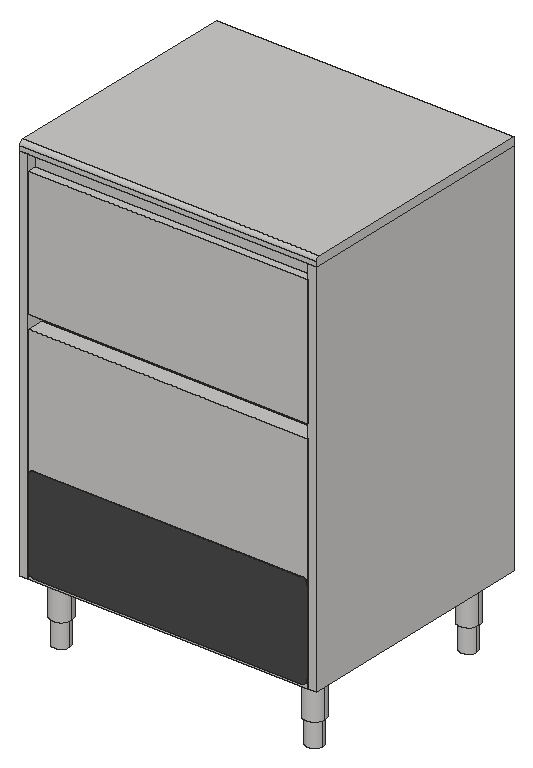
Revit family "QF_ELECTROLUXPROFESSIONAL_730306_ICB83I35SNP", category Attrezzature speciali, Revit 2018
Family settings
  Quota connettore circolare = Usa diametro
  Tipo di parte = Normale
  Basato su piano di lavoro = No
  Sempre verticale = Sì
  Taglio con vuoti quando caricato = No
  Condiviso = No
  Punto di calcolo locali = No
Parameters (values of type "Standard")
  Weight = 70.00 kg
  Watts = 0 W
  Volts = 220 V
  URL Manufacturer = "https://www.electroluxprofessional.com/"
  URL = "https://www.electroluxprofessional.com/"
  Steam Supply Size = 0 mm
  Steam Supply Minimum Pressure = 0.0 Pa
  Steam Supply Maximum Pressure = 0.0 Pa
  Steam Pounds per Hour = 0
  Show Logo [instance] = yes
  Show Clearance [instance] = yes
  Refrigeration Suction Line Size = 0 mm
  Refrigeration Liquid Line Size = 0 mm
  Refrigerant Compressor Remote = yes
  Produttore = "Electrolux Professional"
  Phase = 1
  Modello = "ICB83I35SNP"
  Length Actual = 715 mm  # constant formula
  Item Number = "730306"
  Hot Water Size = 0 mm
  Height Actual = 1044 mm  # constant formula
  HP = "0 HP"
  Gas Size = 0 mm
  Gas KW = 0
  Gas Input Pressure = 0 W
  Descrizione = "AIR COOLED ICE CUBER 22GR 83KG/24H-BIN 35KG"
  Depth Actual = 595 mm  # constant formula
  Cycle = 50 Hz
  Condensate Return Size = 0 mm
  Compressed Air Volume = 0.0 L/s
  Compressed Air Size = 0 mm
  Compressed Air Pressure = 0.0 Pa
  Cold Water Size = 19.05 mm
  Accessory = yes
Reference planes
  plane 1 "Center X": y = 272.851
  plane 2: z = 0
  plane 3 "Center Y": x = -501.5
  plane 4 "LEFT": x = -859
  plane 5 "RIGHT": x = -144
  plane 6 "FRONT": y = -24.649
  plane 7 "BACK": y = 570.351
  plane 8: z = 155
  plane 9: z = 1094
  plane 10: z = 1074
  plane 11: x = -839
  plane 12: x = -164
  plane 13: y = 15.351
Forms (mm)
  Extrusion 1, solid, material "QF_Finishes_Black"
    sketch origin (-217.296, -24.649, 371.513) x (-1, 0, 0) y (0, 0, -1)
      loop
        arc (606.704, -21.487) -> (617.311, -17.093) -> (621.704, -6.487) r 15
        line (621.704, -6.487) -> (621.704, 194.469)
        arc (621.704, 194.469) -> (617.311, 205.075) -> (606.704, 209.469) r 15
        line (606.704, 209.469) -> (-38.296, 209.469)
        arc (-38.296, 209.469) -> (-48.903, 205.075) -> (-53.296, 194.469) r 15
        line (-53.296, 194.469) -> (-53.296, -6.487)
        arc (-53.296, -6.487) -> (-48.903, -17.093) -> (-38.296, -21.487) r 15
        line (-38.296, -21.487) -> (606.704, -21.487)
    from 0 to 2
  Extrusion 2, solid, material "QF_Finishes_Stainless Steel"
    sketch origin (-501.5, 0, 0) x (0, 1, 0) y (0, 0, 1)
      loop
        line (570.351, 1074) -> (570.351, 1094) -> (-14.649, 1094)
        arc (-14.649, 1094) -> (-21.72, 1091.071) -> (-24.649, 1084) r 10
        line (-24.649, 1084) -> (-24.649, 1074) -> (570.351, 1074)
    from -357.5 to 357.5
  Extrusion 3, solid, material "QF_Finishes_Stainless Steel"
    sketch origin (-450.7, 570.351, -329.545) x (1, 0, 0) y (0, 0, -1)
      loop
        circle (233.2, -655.545) r 10
    from 0 to 10
  Extrusion 4, solid, material "QF_Finishes_Stainless Steel"
    sketch origin (0, 0, 0) x (1, 0, 0) y (0, 1, 0)
      loop
        line (-859, 570.351) -> (-859, -24.649) -> (-839, -24.649) -> (-839, 570.351) -> (-859, 570.351)
    from 155 to 1074
  Extrusion 5, solid, material "QF_Finishes_Stainless Steel"
    sketch origin (0, 0, 0) x (1, 0, 0) y (0, 1, 0)
      loop
        line (-164, 570.351) -> (-164, -24.649) -> (-144, -24.649) -> (-144, 570.351) -> (-164, 570.351)
    from 155 to 1074
  Extrusion 6, solid, material "QF_Finishes_Stainless Steel"
    sketch origin (0, 0, 0) x (1, 0, 0) y (0, 1, 0)
      loop
        line (-839, 570.351) -> (-839, 15.351) -> (-164, 15.351) -> (-164, 570.351) -> (-839, 570.351)
    from 155 to 1074
  Extrusion 7, solid, material "QF_Finishes_Stainless Steel"
    sketch origin (0, 0, 0) x (1, 0, 0) y (0, 1, 0)
      loop
        line (-839, -24.649) -> (-164, -24.649) -> (-164, 15.351) -> (-839, 15.351) -> (-839, -24.649)
    from 155 to 695.994
  Extrusion 8, solid, material "QF_Finishes_Stainless Steel"
    sketch origin (-501.5, 0, 0) x (0, 1, 0) y (0, 0, 1)
      loop
        line (15.351, 1074) -> (-4.649, 1074) -> (-4.649, 1038) -> (-24.649, 1038) -> (-24.649, 728.028) -> (-4.649, 728.028) -> (-4.649, 713.028) -> (15.351, 713.028) -> (15.351, 1074)
    from -337.5 to 337.5
  Extrusion 9, solid, material "QF_Finishes_Stainless Steel"
    sketch origin (-428.2, 570.351, -440.545) x (1, 0, 0) y (0, 0, -1)
      loop
        circle (233.2, -655.545) r 10
    from 0 to 10
  Extrusion 10, solid, material "QF_Finishes_Stainless Steel"
    sketch origin (-487.7, 570.351, -361.545) x (1, 0, 0) y (0, 0, -1)
      loop
        circle (233.2, -655.545) r 10
    from 0 to 10
Lines and regions (mm)
  Split face 1
    outline origin (-501.5, -4.649, 1074) x (0, 0, -1) y (1, 0, 0)
      loop
        line (5.715, 214.928) -> (30.715, 214.928) -> (30.715, 254.928) -> (5.715, 254.928) -> (5.715, 214.928)
  symbolic lines
    curve 1: line (-859, 570.351, 0) -> (-144, 570.351, 0)
    curve 2: line (-859, -24.649, 0) -> (-859, 570.351, 0)
    curve 3: line (-144, -24.649, 0) -> (-859, -24.649, 0)
    curve 4: line (-144, 570.351, 0) -> (-144, -24.649, 0)
Dimensions and locks
  equal spacing: plane 4 "LEFT", plane 3 "Center Y", plane 5 "RIGHT"
  plane 4 "LEFT" to plane 5 "RIGHT" = 715 mm
  equal spacing: plane 7 "BACK", plane 1 "Center X", plane 6 "FRONT"
  plane 7 "BACK" to plane 6 "FRONT" = 595 mm
  plane 8 to plane 2 = 155 mm
  plane 9 to plane 8 = 939 mm
  locked: plane 4 "LEFT" to plane 11 at 20
  locked: plane 12 to plane 5 "RIGHT" at 20
  locked: plane 9 to plane 10 at 20
  locked: plane 13 to plane 6 "FRONT" at 40
  aligned and locked: level to plane 2
  aligned and locked: plane 5 "RIGHT" to Extrusion 2
  aligned and locked: Extrusion 2 to plane 4 "LEFT"
  aligned and locked: Extrusion 4 sketch curve to Extrusion 2  (x2)
  aligned and locked: plane 6 "FRONT" to Extrusion 4 sketch curve
  aligned and locked: Extrusion 4 sketch curve to plane 11
  aligned and locked: Extrusion 5 sketch curve to plane 7 "BACK"
  aligned and locked: plane 12 to Extrusion 5 sketch curve
  aligned and locked: Extrusion 5 sketch curve to Extrusion 2  (x2)
  aligned and locked: plane 10 to Extrusion 4
  aligned and locked: plane 10 to Extrusion 5
  aligned and locked: Extrusion 4 to plane 8
  aligned and locked: Extrusion 5 to plane 8
  aligned and locked: Extrusion 6 sketch curve to Extrusion 4
  aligned and locked: Extrusion 4 to Extrusion 6 sketch curve
  aligned and locked: plane 13 to Extrusion 6 sketch curve
  aligned and locked: Extrusion 6 sketch curve to plane 12
  aligned and locked: plane 10 to Extrusion 6
  aligned and locked: Extrusion 6 to plane 8
  aligned and locked: Extrusion 4 to Extrusion 7 sketch curve
  aligned and locked: Extrusion 7 sketch curve to Extrusion 4
  aligned and locked: plane 13 to Extrusion 7 sketch curve
  aligned and locked: plane 12 to Extrusion 7 sketch curve
  aligned and locked: Extrusion 7 to plane 8
  aligned and locked: plane 12 to Extrusion 8
  aligned and locked: Extrusion 8 to plane 11
Automatic sketch dimensions
  curve 3 to plane 4 "LEFT" = 0 mm
  curve 3 to plane 5 "RIGHT" = 0 mm
  curve 3 to plane 6 "FRONT" = 0 mm
  curve 2 to plane 7 "BACK" = 0 mm
  Extrusion 1 sketch curve to plane 12 = 0 mm
  plane 8 to Extrusion 1 sketch curve = 7.044 mm
  Extrusion 1 sketch curve to Extrusion 1 sketch curve = 15 mm  (x3)
  plane 11 to Extrusion 1 sketch curve = 15 mm  (x2)
  Extrusion 1 sketch curve to Extrusion 1 sketch curve = 200.956 mm
  Extrusion 2 sketch curve to plane 6 "FRONT" = 0 mm
  Extrusion 2 sketch curve to plane 9 = 0 mm
  Extrusion 2 sketch curve to plane 7 "BACK" = 0 mm
  Extrusion 2 sketch curve to plane 10 = 0 mm
  plane 6 "FRONT" to Extrusion 2 sketch curve = 10 mm
  Extrusion 6 to Extrusion 3 sketch curve = 171 mm
  Extrusion 3 sketch curve to Extrusion 6 = 53.5 mm
  Split face 1 sketch curve to Extrusion 8 = 5.715 mm
  Extrusion 8 to Split face 1 sketch curve = 5.285 mm
  Split face 1 sketch curve to Extrusion 8 = 122.572 mm
  Split face 1 sketch curve to Split face 1 sketch curve = 40 mm
  Extrusion 9 sketch curve to Extrusion 6 = 31 mm
  Extrusion 6 to Extrusion 9 sketch curve = 60 mm
  Extrusion 10 sketch curve to Extrusion 6 = 90.5 mm
  Extrusion 6 to Extrusion 10 sketch curve = 139 mm
  Extrusion 8 sketch curve to plane 6 "FRONT" = 0 mm
  Extrusion 8 sketch curve to plane 10 = 0 mm
  Extrusion 8 sketch curve to plane 13 = 0 mm
  Extrusion 8 sketch curve to Extrusion 8 sketch curve = 20 mm  (x2)
  Extrusion 8 sketch curve to plane 10 = 36 mm
  Extrusion 8 sketch curve to Extrusion 8 sketch curve = 309.972 mm
  Extrusion 8 sketch curve to Extrusion 8 sketch curve = 15 mm
  radius of Extrusion 3 sketch curve = 10 mm
  radius of Extrusion 9 sketch curve = 10 mm
  radius of Extrusion 10 sketch curve = 10 mm
Nested families
  nested 1: "Foot_Complete" at (-807, 35.351, 0), type "Foot_Complete"
    with H 155 mm
  nested 2: "Foot_Complete" at (-196, 35.351, 0) x (-1, 0, 0) z (0, 0, 1), type "Foot_Complete"
    with H 155 mm
  nested 3: "Foot_Complete" at (-807, 499.351, 0), type "Foot_Complete"
    with H 155 mm
  nested 4: "Foot_Complete" at (-196, 499.351, 0) x (-1, 0, 0) z (0, 0, 1), type "Foot_Complete"
    with H 155 mm
Connectors
  electrical at (-195, 580.351, 215), driven by "Volts"
    settings: on Extrusion 9, index 1, voltage 220 V, apparent load 0 VA, apparent load phase1 0 VA, apparent load phase2 0 VA, apparent load phase3 0 VA, power factor 1, load classification "Altro", number of poles 1, system type 30, power factor state 1, is connector primary yes, connector utility no, sub classification motor no, connector description "Electrical Connection"
  piping at (-217.5, 580.351, 326), diameter 20
    settings: on Extrusion 3, index 2, connector inside diameter 609.6 mm, connector length 0 mm, flow factor 0, pipe flow 0.0 L/s, pressure drop 0.0 Pa, fitting loss kfactor 0, connector angle 0.00°, fixture units 0, engagement length 0 mm, angle of deflection 0.00°, flow configuration 0, flow direction 0, fitting loss method 0, system type 20, joint type 0, gender type 0, connector reference index -1, connector utility 0, adjustable connector no, is connector primary yes, connector description "Cold water"
  piping at (-254.5, 580.351, 294), diameter 20
    settings: on Extrusion 10, index 3, connector inside diameter 609.6 mm, connector length 0 mm, flow factor 0, pipe flow 0.0 L/s, pressure drop 0.0 Pa, fitting loss kfactor 0, connector angle 0.00°, fixture units 0, engagement length 0 mm, angle of deflection 0.00°, flow configuration 0, flow direction 0, fitting loss method 0, system type 16, joint type 0, gender type 0, connector reference index -1, connector utility 0, adjustable connector no, is connector primary no, connector description "Drain"
Definition of nested family "Foot_Complete"
  Parameters (values of type "Foot_Complete")
    R = 25 mm
    H = 153 mm
  Reference planes
    plane 1 "Centro (Fronte/Retro)": y = 0
    plane 2: z = 0
    plane 3 "Centro (Sinistra/Destra)": x = 0
    plane 4: z = 153
  Forms (mm)
    Revolve 1, solid
      sketch origin (255.05, 0, 608.09) x (0, 0, 1) y (-1, 0, 0)
        loop
          line (-608.09, 255.05) -> (-608.09, 235.05) -> (-548.09, 235.05) -> (-548.09, 230.05) -> (-455.09, 230.05) -> (-455.09, 255.05) -> (-608.09, 255.05)
        axis (-608.09, 255.05) -> (-455.09, 255.05)
      angle from 0 to 360
  Dimensions and locks
    level to Revolve 1 sketch curve = 60 mm
    "R": Revolve 1 sketch curve to plane 3 "Centro (Sinistra/Destra)"
    "H": plane 4 to level
    aligned and locked: level to plane 2
    aligned and locked: plane 4 to Revolve 1 sketch curve
    aligned and locked: Revolve 1 sketch curve to level
    aligned and locked: plane 3 "Centro (Sinistra/Destra)" to Revolve 1 sketch curve
  Automatic sketch dimensions
    Revolve 1 sketch curve to plane 3 "Centro (Sinistra/Destra)" = 0 mm
    plane 3 "Centro (Sinistra/Destra)" to Revolve 1 sketch curve = 20 mm
    Revolve 1 sketch curve to Revolve 1 sketch curve = 50 mm
    Revolve 1 sketch curve to Revolve 1 sketch curve = 20 mm
